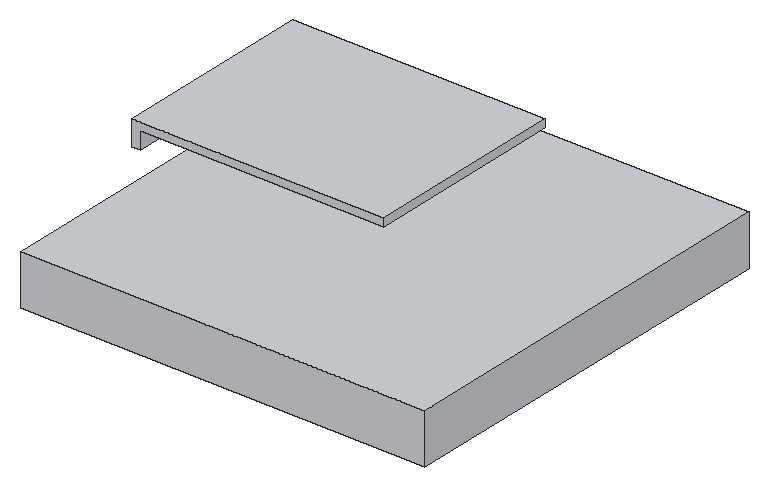
Revit family
Parameters
  Width = 0' - 2"
  URL = "www.coldspringgranite.com"
  TypicalJointSize = 0' - 0 1/4"
  StoneMaterial = none
  SettingSpace = AirGap + Width  # 0' - 3"
  Product Name = "Wall Facing Stone Panel with Hooked Edge on Left Side"
  Product Documentation Link = "http://www.coldspringgranite.com/BIM_Families/Family_Detail/Wall_Facing_Stone_Panels_with_Hooked_Edge_on_Left_Side/"
  PhoneNumber = "800-551-7502"
  Notes = ""
  Model = "N/A"
  Manufacturer = "Cold Spring Granite Company"
  Low Emitting Material = yes
  Low Emitting Finish = yes
  Location = "17482 Granite West Road, Cold Spring, MN 56320-4578"
  Length = 5' - 0"
  LEED Credit = ""
  Keynote = "044256"
  JointTopOff = no
  JointTop = if(JointTopOff, 0' 0", TypicalJointSize / 2)  # 0' - 0 1/8"
  JointRight = if(JointRightOff, 0' 0", TypicalJointSize / 2)  # 0' - 0 1/8"
  JointRightOff = no
  JointBottomOff = no
  JointBottom = if(JointBottomOff, 0' 0", TypicalJointSize / 2)  # 0' - 0 1/8"
  HookDepth = 0' - 6"
  Height = 4' - 0"
  Description = "Stone Wall Facing Hooked"
  Default Elevation = 0' - 0"
  Assembly Code = "B2010160"
  AirGap = 0' - 1"
Reference planes (in)
  plane 1 "Center (Front/Back)": y = 0
  plane 2: z = 0
  plane 3 "Center (Left/Right)": x = 0
  plane 4 "StoneRight": x = -0.125
  plane 5 "StoneBottom": y = 0.125
  plane 6 "StoneTop": y = 47.875
  plane 7 "JointTopCenter": y = 48
  plane 8 "StoneLeft": x = -60
  plane 9 "StoneFace": z = 3
  plane 10 "StoneBack": z = 1
  plane 11 "HookBack": z = -3
  plane 12 "HookLeftBack": x = -58
Forms (in)
  Extrusion 1, solid
    sketch origin (0, 0, 0) x (1, 0, 0) y (0, 1, 0)
      loop
        line (-48, 48) -> (-48, -48) -> (48, -48) -> (48, 48) -> (-48, 48)
    from 0 to -12
  Extrusion 2, solid, material <- "StoneMaterial", detail levels medium+fine
    sketch origin (0, 0, 0) x (1, 0, 0) y (0, 0, 1)
      loop
        line (-60, 3) -> (-60, -3) -> (-58, -3) -> (-58, 1) -> (-0.125, 1) -> (-0.125, 3) -> (-60, 3)
    from -47.875 to -0.125
  Extrusion 3, solid, material <- "StoneMaterial", detail levels coarse
    sketch origin (0, 0, 0) x (1, 0, 0) y (0, 0, 1)
      loop
        line (-60, 3) -> (-60, -3) -> (0, -3) -> (0, 3) -> (-60, 3)
    from -48 to 0
Lines and regions (in)
  Masking region 1, detail levels coarse
    outline origin (0, 0, 3) x (0, -1, 0) y (1, 0, 0)
      loop
        line (-48, 0) -> (-48, -60) -> (0, -60) -> (0, 0) -> (-48, 0)
  Masking region 2, detail levels medium+fine
    outline origin (0, 0, 3) x (0, -1, 0) y (1, 0, 0)
      loop
        line (-47.875, -0.125) -> (-47.875, -60) -> (-0.125, -60) -> (-0.125, -0.125) -> (-47.875, -0.125)
  Masking region 3, detail levels coarse
    outline origin (0, 0.125, 0) x (-1, 0, 0) y (0, 0, 1)
      loop
        line (0, 3) -> (0, -3) -> (60, -3) -> (60, 3) -> (0, 3)
  Masking region 4, detail levels medium+fine
    outline origin (0, 0.125, 0) x (-1, 0, 0) y (0, 0, 1)
      loop
        line (58, 1) -> (58, -3) -> (60, -3) -> (60, 3) -> (0.125, 3) -> (0.125, 1) -> (58, 1)
  Masking region 5, detail levels coarse
    outline origin (0, 47.875, 0) x (1, 0, 0) y (0, 0, 1)
      loop
        line (-60, 3) -> (-60, -3) -> (0, -3) -> (0, 3) -> (-60, 3)
  Masking region 6, detail levels medium+fine
    outline origin (0, 47.875, 0) x (1, 0, 0) y (0, 0, 1)
      loop
        line (-0.125, 1) -> (-0.125, 3) -> (-60, 3) -> (-60, -3) -> (-58, -3) -> (-58, 1) -> (-0.125, 1)
  Masking region 7, detail levels coarse
    outline origin (-60, 0, 0) x (0, 1, 0) y (0, 0, 1)
      loop
        line (0, 3) -> (0, -3) -> (48, -3) -> (48, 3) -> (0, 3)
  Masking region 8, detail levels medium+fine
    outline origin (-60, 0, 0) x (0, 1, 0) y (0, 0, 1)
      loop
        line (47.875, 3) -> (0.125, 3) -> (0.125, -3) -> (47.875, -3) -> (47.875, 3)
  Masking region 9, detail levels coarse
    outline origin (-0.125, 0, 0) x (0, 1, 0) y (0, 0, 1)
      loop
        line (48, 3) -> (0, 3) -> (0, -3) -> (48, -3) -> (48, 3)
  Masking region 10, detail levels medium+fine
    outline origin (-0.125, 0, 0) x (0, 1, 0) y (0, 0, 1)
      loop
        line (0.125, 1) -> (47.875, 1) -> (47.875, 3) -> (0.125, 3) -> (0.125, 1)
Dimensions and locks (in)
  "Length": plane 8 "StoneLeft" to plane 3 "Center (Left/Right)"
  "JointRight": plane 4 "StoneRight" to plane 3 "Center (Left/Right)"
  "Height": plane 1 "Center (Front/Back)" to plane 7 "JointTopCenter"
  "JointBottom": plane 1 "Center (Front/Back)" to plane 5 "StoneBottom"
  "JointTop": plane 7 "JointTopCenter" to plane 6 "StoneTop"
  "SettingSpace": plane 9 "StoneFace" to plane 2
  "Width": plane 9 "StoneFace" to plane 10 "StoneBack"
  "HookDepth": plane 9 "StoneFace" to plane 11 "HookBack"
  "Width": plane 12 "HookLeftBack" to plane 8 "StoneLeft"
  aligned and locked: plane 2 to Extrusion 1
  aligned and locked: level to Extrusion 1
  aligned and locked: Extrusion 2 to plane 9 "StoneFace"
  aligned and locked: Extrusion 2 to plane 8 "StoneLeft"
  aligned and locked: Extrusion 2 to plane 11 "HookBack"
  aligned and locked: plane 12 "HookLeftBack" to Extrusion 2
  aligned and locked: Extrusion 2 to plane 10 "StoneBack"
  aligned and locked: plane 4 "StoneRight" to Extrusion 2
  aligned and locked: Extrusion 2 to plane 6 "StoneTop"
  aligned and locked: Extrusion 2 to plane 5 "StoneBottom"
  aligned and locked: Extrusion 3 to plane 9 "StoneFace"
  aligned and locked: plane 3 "Center (Left/Right)" to Extrusion 3
  aligned and locked: Extrusion 3 to plane 11 "HookBack"
  aligned and locked: Extrusion 3 to plane 8 "StoneLeft"
  aligned and locked: plane 7 "JointTopCenter" to Extrusion 3
  aligned and locked: plane 1 "Center (Front/Back)" to Extrusion 3
  aligned and locked: Masking region 1 sketch curve to Extrusion 3  (x4)
  aligned and locked: Masking region 2 sketch curve to Extrusion 2  (x4)
  aligned and locked: Masking region 3 sketch curve to Extrusion 3  (x4)
  aligned and locked: Masking region 4 sketch curve to Extrusion 2  (x6)
  aligned and locked: Masking region 5 sketch curve to Masking region 3  (x4)
  aligned and locked: Masking region 6 sketch curve to Masking region 4  (x6)
  aligned and locked: Masking region 7 sketch curve to Extrusion 3  (x4)
  aligned and locked: Masking region 8 sketch curve to Extrusion 2  (x4)
  aligned and locked: Masking region 9 sketch curve to Masking region 7  (x4)
  aligned and locked: Masking region 10 sketch curve to Extrusion 2  (x3)
  aligned and locked: Extrusion 2 to Masking region 10 sketch curve
Automatic sketch dimensions
  Extrusion 1 sketch curve to Extrusion 1 sketch curve = 8' - 0"  (x2)
  plane 8 "StoneLeft" to Extrusion 2 sketch curve = 0' - 0"
  Extrusion 2 sketch curve to plane 12 "HookLeftBack" = 0' - 0"
  Extrusion 2 sketch curve to plane 4 "StoneRight" = 0' - 0"
  plane 11 "HookBack" to Extrusion 2 sketch curve = 0' - 0"
  plane 10 "StoneBack" to Extrusion 2 sketch curve = 0' - 0"
  plane 9 "StoneFace" to Extrusion 2 sketch curve = 0' - 0"
  plane 8 "StoneLeft" to Extrusion 3 sketch curve = 0' - 0"
  plane 4 "StoneRight" to Extrusion 3 sketch curve = 0' - 0 1/8"
  Extrusion 3 sketch curve to level = 0' - 3"
  plane 9 "StoneFace" to Extrusion 3 sketch curve = 0' - 0"
Nested families (in)
  nested 1: "CopyRight" at (0, 0, 3) x (1, 0, 0) z (0, 0, -1), type "CopyRight"
Definition of nested family "CopyRight"
  Parameters (values of type "CopyRight")
    CopyRight = "Cold Spring Granite Company"
  Reference planes (in)
    plane 1: z = 0
